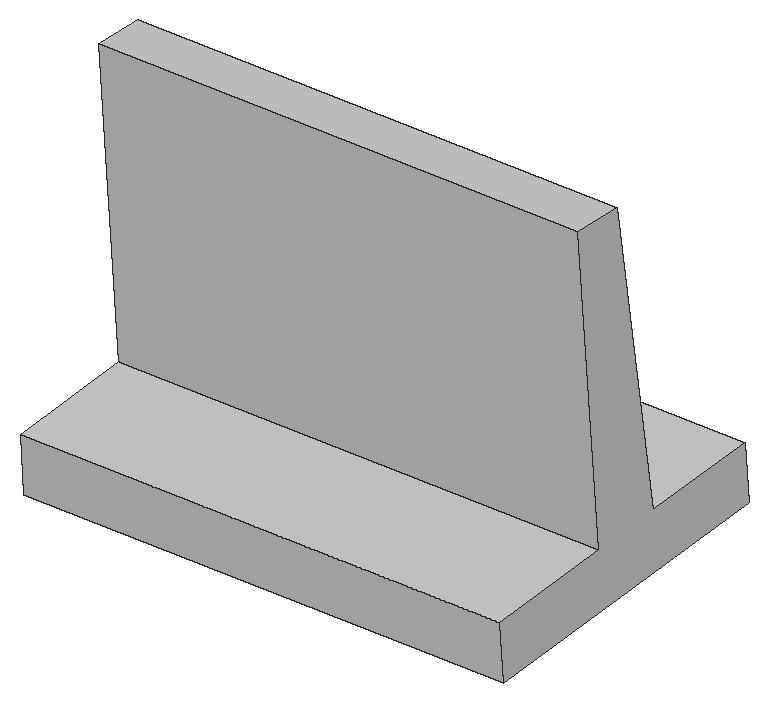
Revit family "526475bd8c334b2c98c4a603b67c5e3e", category Structural Foundations, Revit 2021
Family settings
  Material for Model Behavior = Other
  Cap = No
  OmniClass Number = 23.10.20.14
  OmniClass Title = Retaining Walls
  Seek Item ID = RetainingWall_Par_Family-0000-USA-ENU
  Work Plane-Based = No
  Always vertical = Yes
  Cut with Voids When Loaded = No
  Shared = No
Parameters (values of type "Standard")
  hdiff = h3 - h4  # 0' - 3"
  h7 = h4 - h6  # 9' - 11"
  h6 = Gw1 * tan(Alpha - Beta)  # 0' - 0"
  h4 = 9' - 11"
  h3 = 10' - 2"
  Tmp2 = (Bw + Gf4 * tan(Alpha - Gamma)) * cos(Alpha - Gamma)  # 3' - 9.35142"
  Tmp1 = (Bw + Gw2 + Gf4 * tan(Alpha - Beta)) * cos(Alpha - Beta)  # 6' - 3"
  Structural Material [instance] = Concrete, Cast-in-Place gray
  Length [instance] = 16' - 5"
  H = 11' - 6"
  Gw2 = 2' - 4"
  Gw1 = 1' - 8"
  Gf4 = 1' - 11"
  Gamma2 = atan((Gw2 * cos(Alpha - Beta) - Gw1 * cos(Alpha - Beta)) / h7)  # 3.84603°
  Gamma = Gamma2 + Beta  # 8.84603°
  Bw = 3' - 11"
  Beta = 5.00°
  B = 10' - 6"
  Assembly Code = ""
  Alpha = 5.00°
Reference planes (in)
  plane 1 "Center (Front/Back)": y = 0
  plane 2: z = 0
  plane 3 "Center (Left/Right)": x = 0
  plane 4: z = 138
  plane 5: x = 197
Forms (in)
  Sweep 1, solid, material "Concrete, Cast-in-Place gray" <- "Structural Material"
    path origin (0, 0, 0) x (1, 0, 0) y (0, 1, 0)
      loop
        line (0, 0) -> (197, 0)
    profile "Profile : Profile" origin (98.5, 0, 0) x (0, 1, 0) y (0, 0, 1)
      loop
        line (-67.37442, 138) -> (-87.35992, 138) -> (-76.71918, 16.3758) -> (-127.52511, 11.93085) -> (-125.52053, -10.98162) -> (0, 0) -> (-2.00458, 22.91248) -> (-48.82573, 18.81616) -> (-67.37442, 138)
Dimensions and locks (in)
  "H": plane 4 to plane 2
  "Length": plane 3 "Center (Left/Right)" to plane 5
  aligned and locked: plane 3 "Center (Left/Right)" to Sweep 1 sketch curve
  aligned and locked: plane 5 to Sweep 1 sketch curve
  aligned and locked: plane 1 "Center (Front/Back)" to Sweep 1 sketch curve
